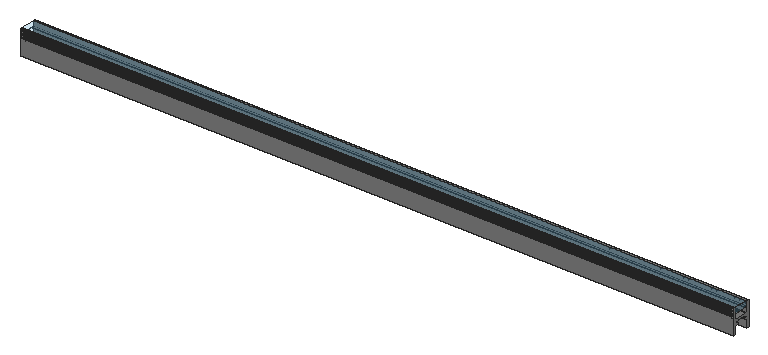
Revit family "LC1503", category Luminarias, Revit 2019
Family settings
  Cota de conector redondo = Diámetro de uso
  Tipo de pieza = Normal
  Se basa en plano de trabajo = Sí
  Siempre vertical = No
  Corte con vacíos al cargar = No
  Origen de luz = No
  Compartido = No
  Punto de cálculo de habitación = No
Parameters (values of type "LC1503")
  Zone [instance] = ""
  Watt per fixture [instance] = (Longitud / 1000 mm) * (10)  # 10
  Modelo = "LC1503"
  Lámpara = "2835 SMD"
  Longitud [instance] = 1000 mm
  Fabricante = "BRILLANT"
  Default Elevation = 0 mm
  Descripción = "PERFIL DE ALUMINIO EN “H” ARMADO DE 1M DE TIRA LED 2835 CON UNA POTENCIA DE 10W DE 1000MM DE LARGO POR 24.9MM DE ANCHO POR 34.2MM DE ALTO, INSTALACION EMPOTRADO EN SUPERFICIE CON 0.2M DE CABLE. PESO MAXIMO PARA SOPORTAR 24.2kN. PRESENTACION DE 1 METRO. IP 67, IRC 80, TEMPERATURA DE COLOR A BLANCO CALIDO 3000K, ALIMENTADO A 24V."
  Costo USD_LC1503 [instance] = (Longitud / 1000 mm) * (107)  # 107
  Costo = 0
  Comentarios de vataje = "24V"
  Circuit [instance] = ""
  Ancho = 24.9 mm
  Altura = 34.2 mm
Reference planes
  plane 1 "Centro (Frontal/Posterior)": y = 0
  plane 2: z = 0
  plane 3 "Centro (Izquierda/Derecha)": x = 0
  plane 4: x = 0
  plane 5: z = 34.2
  plane 6: x = -1000
  plane 7: y = 12.45
  plane 8: y = -12.45
Forms (mm)
  Extrusion 1, solid, material "Default Floor"
    sketch origin (0, 0, 0) x (0, 1, 0) y (0, 0, 1)
      loop
        line (-12.45, 34.2) -> (-12.45, 33.311)
        arc (-12.45, 33.311) -> (-12.006, 32.868) -> (-12.45, 32.424) r 0.444
        line (-12.45, 32.424) -> (-12.45, 31.624)
        arc (-12.45, 31.624) -> (-12.006, 31.18) -> (-12.45, 30.737) r 0.444
        line (-12.45, 30.737) -> (-12.45, 29.937)
        arc (-12.45, 29.937) -> (-12.006, 29.493) -> (-12.45, 29.05) r 0.444
        line (-12.45, 29.05) -> (-12.45, 28.25)
        arc (-12.45, 28.25) -> (-12.006, 27.806) -> (-12.45, 27.362) r 0.444
        line (-12.45, 27.362) -> (-12.45, 26.562)
        arc (-12.45, 26.562) -> (-12.006, 26.119) -> (-12.45, 25.675) r 0.444
        line (-12.45, 25.675) -> (-12.45, 24.875)
        arc (-12.45, 24.875) -> (-12.006, 24.432) -> (-12.45, 23.988) r 0.444
        line (-12.45, 23.988) -> (-12.45, 23.188)
        arc (-12.45, 23.188) -> (-12.006, 22.744) -> (-12.45, 22.301) r 0.444
        line (-12.45, 22.301) -> (-12.45, 0) -> (-10.441, 0) -> (-10.441, 10.163)
        arc (-10.441, 10.163) -> (-9.725, 11.892) -> (-7.996, 12.609) r 2.445
        arc (-7.996, 12.609) -> (-7.157, 12.757) -> (-6.42, 13.184) r 2.445
        line (-6.42, 13.184) -> (-6.988, 13.753)
        arc (-6.988, 13.753) -> (-9.562, 15.557) -> (-6.42, 15.526) r 1.645
        line (-6.42, 15.526) -> (-5.78, 16.088) -> (-5.78, 16.874) -> (5.78, 16.874) -> (5.78, 16.088) -> (6.42, 15.526)
        arc (6.42, 15.526) -> (9.562, 15.557) -> (6.988, 13.753) r 1.645
        line (6.988, 13.753) -> (6.42, 13.184)
        arc (6.42, 13.184) -> (7.157, 12.757) -> (7.996, 12.609) r 2.445
        arc (7.996, 12.609) -> (9.725, 11.892) -> (10.441, 10.163) r 2.445
        line (10.441, 10.163) -> (10.441, 0) -> (12.45, 0) -> (12.45, 22.301)
        arc (12.45, 22.301) -> (12.006, 22.744) -> (12.45, 23.188) r 0.444
        line (12.45, 23.188) -> (12.45, 23.988)
        arc (12.45, 23.988) -> (12.006, 24.432) -> (12.45, 24.875) r 0.444
        line (12.45, 24.875) -> (12.45, 25.675)
        arc (12.45, 25.675) -> (12.006, 26.119) -> (12.45, 26.562) r 0.444
        line (12.45, 26.562) -> (12.45, 27.362)
        arc (12.45, 27.362) -> (12.006, 27.806) -> (12.45, 28.25) r 0.444
        line (12.45, 28.25) -> (12.45, 29.05)
        arc (12.45, 29.05) -> (12.006, 29.493) -> (12.45, 29.937) r 0.444
        line (12.45, 29.937) -> (12.45, 30.737)
        arc (12.45, 30.737) -> (12.006, 31.18) -> (12.45, 31.624) r 0.444
        line (12.45, 31.624) -> (12.45, 32.424)
        arc (12.45, 32.424) -> (12.006, 32.868) -> (12.45, 33.311) r 0.444
        line (12.45, 33.311) -> (12.45, 34.2) -> (10.441, 34.2) -> (10.441, 19.035) -> (8.598, 19.035) -> (7.899, 19.734) -> (-7.899, 19.734) -> (-8.598, 19.035) -> (-10.441, 19.035) -> (-10.441, 34.2) -> (-12.45, 34.2)
    from -1000 to 0
  Extrusion 2, solid, material "Cristal"
    sketch origin (0, 0, 0) x (0, 1, 0) y (0, 0, 1)
      loop
        line (-10.441, 34.2) -> (-10.441, 27.826) -> (-8.541, 25.926) -> (8.541, 25.926) -> (10.441, 27.826) -> (10.441, 34.2) -> (-10.441, 34.2)
    from -1000 to 0
Dimensions and locks
  "Longitud": plane 6 to plane 4
  equal spacing: plane 7, plane 1 "Centro (Frontal/Posterior)", plane 8
  plane 7 to plane 1 "Centro (Frontal/Posterior)" = 12.45 mm
  "Ancho": plane 7 to plane 8
  "Altura": plane 5 to plane 2
  locked: Extrusion 2 sketch curve to Extrusion 2 sketch curve at 8.274
  aligned and locked: level to plane 2
  aligned and locked: plane 6 to Extrusion 1
  aligned and locked: plane 3 "Centro (Izquierda/Derecha)" to Extrusion 1
  aligned and locked: Extrusion 2 sketch curve to Extrusion 1  (x2)
  aligned and locked: Extrusion 1 to Extrusion 2 sketch curve
  aligned and locked: plane 6 to Extrusion 2
  aligned and locked: plane 3 "Centro (Izquierda/Derecha)" to Extrusion 2
Automatic sketch dimensions
  Extrusion 1 sketch curve to Extrusion 1 sketch curve = 0 mm  (x4)
  Extrusion 1 sketch curve to plane 5 = 0 mm  (x2)
  Extrusion 1 sketch curve to plane 8 = 0 mm
  Extrusion 1 sketch curve to level = 0 mm  (x2)
  Extrusion 1 sketch curve to plane 7 = 0 mm
  Extrusion 1 sketch curve to Extrusion 1 sketch curve = 2.009 mm  (x2)
  Extrusion 1 sketch curve to Extrusion 1 sketch curve = 1.843 mm
  Extrusion 1 sketch curve to Extrusion 1 sketch curve = 2.445 mm
  Extrusion 1 sketch curve to Extrusion 1 sketch curve = 0.699 mm  (x3)
  Extrusion 1 sketch curve to Extrusion 1 sketch curve = 1.007 mm  (x2)
  Extrusion 1 sketch curve to Extrusion 1 sketch curve = 0.569 mm  (x4)
  Extrusion 1 sketch curve to Extrusion 1 sketch curve = 1.576 mm
  Extrusion 1 sketch curve to Extrusion 1 sketch curve = 0.64 mm  (x3)
  Extrusion 1 sketch curve to Extrusion 1 sketch curve = 2.119 mm
  plane 7 to Extrusion 1 sketch curve = 2.009 mm  (x2)
  level to Extrusion 1 sketch curve = 10.163 mm
  Extrusion 1 sketch curve to Extrusion 1 sketch curve = 0.576 mm  (x2)
  Extrusion 1 sketch curve to Extrusion 1 sketch curve = 1.301 mm  (x2)
  Extrusion 1 sketch curve to Extrusion 1 sketch curve = 0.563 mm  (x2)
  Extrusion 1 sketch curve to Extrusion 1 sketch curve = 0.786 mm
  Extrusion 1 sketch curve to Extrusion 1 sketch curve = 3.981 mm
  Extrusion 1 sketch curve to Extrusion 1 sketch curve = 2.161 mm
  Extrusion 1 sketch curve to Extrusion 1 sketch curve = 3.266 mm  (x2)
  Extrusion 1 sketch curve to Extrusion 1 sketch curve = 0.444 mm  (x14)
  Extrusion 1 sketch curve to Extrusion 1 sketch curve = 0.8 mm  (x12)
  Extrusion 2 sketch curve to Extrusion 2 sketch curve = 1.9 mm  (x4)
  Extrusion 1 sketch curve to Extrusion 1 sketch curve = 8.872 mm
  Extrusion 1 sketch curve to Extrusion 1 sketch curve = 3.021 mm
Connectors
  electrical at (0, 0, 21.917)
    settings: on Extrusion 1, index 1, voltage 24 V, apparent load 0 VA, apparent load phase1 0 VA, apparent load phase2 0 VA, apparent load phase3 0 VA, power factor 1, load classification "Otro", number of poles 1, system type 31, power factor state 1, is connector primary yes, connector utility no, sub classification motor no, connector description ""
